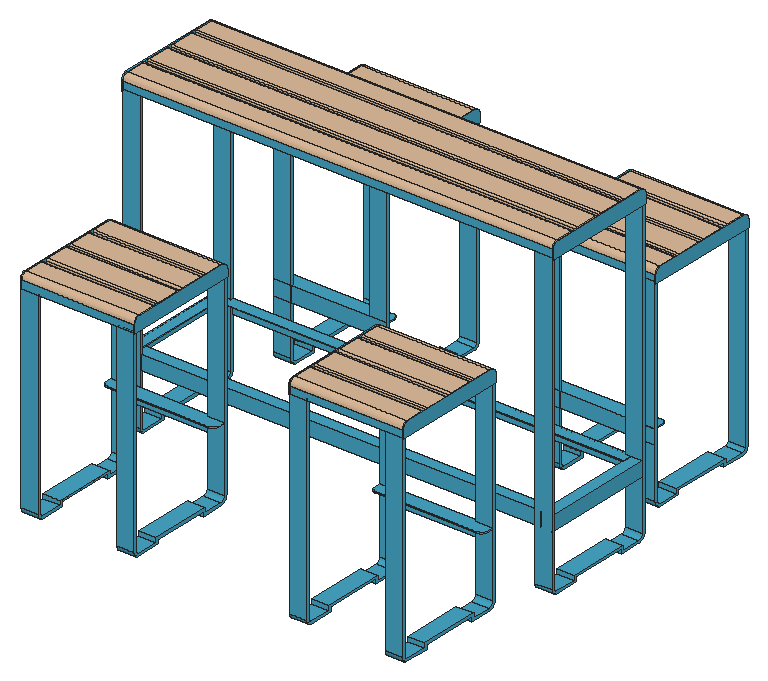
Revit family "61220-S-L", category Meble, Revit 2021
Family settings
  Numer OmniClass = 23.40.20.00
  Tytuł OmniClass = General Furniture and Specialties
  Oparty na płaszczyźnie roboczej = Nie
  Zawsze pionowo = Tak
  Tnij formami wycięć po wczytaniu = Nie
  Współdzielony = Nie
  Punkt obliczania pomieszczeń = Nie
Parameters (values of type "61211-S-L")
  wood = Kobenhagen Wood - Larch
  metal = Kobenhagen RAL 5012
  Width = "150 cm"
  URL = "https://kobenhagen.com/en_US/p/Frederiksberg-Bar-Set/153"
  Seat hight = "75 cm"
  Product line = "Frederiksberg"
  Product Groups = "Sets"
  Producent = "Lars Laj"
  Keynote = ""
  Opis = "Frederiksberg Bar Set"
  Model = "61220-S-L"
  Material = "Larch, stainless steel, powder coated steel"
  Maintenance = "We recommend to examine and tighten all screws and bolt clamps after a few weeks’ use. In order to prevent cracks and to extend the life of the wood, it is recommended that the wood details should be oiled every 3-5 years."
  Lenght = "150 cm"
  Type Comments = ""
  Kobenhagen Materials = "larslaj.com/bim"
  Hosted on larslaj.com = "https://larslaj.com/bim"
  Height = "110 cm"
  Domyślna rzędna = 0 mm
  Copyright = "All designs and drawings are the intellectual property of Lars Laj A/S and are protected by Danish and international copyright laws."
Reference planes
  plane 1 "front": y = 0
  plane 2: z = 0
  plane 3 "Środek (Lewa/Prawa)": x = 0
  plane 4 "left": x = -745.625
  plane 5 "right": x = 745.938
  plane 6 "back": y = 400
  plane 7: x = -685.625
  plane 8: x = 685.937
  plane 9: z = 1057.23
Forms (mm)
  Extrusion 1, solid, material "Kobenhagen Wood - Larch" <- "wood"
    sketch origin (0, -51.281, 670.21) x (0, 1, 0) y (0, 0, 1)
      loop
        arc (263.304, 429.703) -> (259.768, 428.239) -> (258.304, 424.703) r 5
        line (258.304, 424.703) -> (258.304, 388.972)
        arc (258.304, 388.972) -> (258.878, 387.586) -> (260.264, 387.012) r 1.96
        line (260.264, 387.012) -> (346.304, 387.012)
        arc (346.304, 387.012) -> (347.718, 387.598) -> (348.304, 389.012) r 2
        line (348.304, 389.012) -> (348.304, 424.703)
        arc (348.304, 424.703) -> (346.839, 428.239) -> (343.304, 429.703) r 5
        line (343.304, 429.703) -> (263.304, 429.703)
    from -745.625 to 745.937
  Extrusion 2, solid, material "Kobenhagen Wood - Larch" <- "wood"
    sketch origin (0, -153.73, 670.21) x (0, 1, 0) y (0, 0, 1)
      loop
        arc (263.253, 429.703) -> (259.718, 428.239) -> (258.253, 424.703) r 5
        line (258.253, 424.703) -> (258.253, 388.972)
        arc (258.253, 388.972) -> (258.827, 387.586) -> (260.213, 387.012) r 1.96
        line (260.213, 387.012) -> (346.253, 387.012)
        arc (346.253, 387.012) -> (347.668, 387.598) -> (348.253, 389.012) r 2
        line (348.253, 389.012) -> (348.253, 424.703)
        arc (348.253, 424.703) -> (346.789, 428.239) -> (343.253, 429.703) r 5
        line (343.253, 429.703) -> (263.253, 429.703)
    from -745.625 to 745.937
  Extrusion 3, solid, material "Kobenhagen Wood - Larch" <- "wood"
    sketch origin (0, -256.23, 670.21) x (0, 1, 0) y (0, 0, 1)
      loop
        arc (275.801, 429.704) -> (261.616, 423.828) -> (255.74, 409.642) r 20.061
        line (255.74, 409.642) -> (258.916, 409.642) -> (258.916, 387.013) -> (343.754, 387.013)
        arc (343.754, 387.013) -> (345.168, 387.598) -> (345.753, 389.012) r 1.999
        line (345.753, 389.012) -> (345.753, 424.706)
        arc (345.753, 424.706) -> (344.29, 428.24) -> (340.756, 429.704) r 4.998
        line (340.756, 429.704) -> (275.801, 429.704)
    from -745.625 to 745.937
  Extrusion 4, solid, material "Kobenhagen RAL 5012" <- "metal", not visible
    sketch origin (0, 0, 0) x (0, 1, 0) y (0, 0, 1)
      loop
        arc (71.187, 451.5) -> (57.045, 445.642) -> (51.187, 431.5) r 20
        line (51.187, 431.5) -> (51.187, 18.231)
        arc (51.187, 18.231) -> (56.527, 5.34) -> (69.418, 0) r 18.231
        line (69.418, 0) -> (153.638, 0) -> (153.638, 15) -> (448.638, 15) -> (448.638, 0) -> (527.023, 0)
        arc (527.023, 0) -> (542.307, 6.331) -> (548.638, 21.615) r 21.615
        line (548.638, 21.615) -> (548.638, 429.407)
        arc (548.638, 429.407) -> (542.168, 445.029) -> (526.545, 451.5) r 22.093
        line (526.545, 451.5) -> (71.187, 451.5)
    from 750.378 to 745
  Extrusion 5, solid, material "Kobenhagen RAL 5012" <- "metal", not visible
    sketch origin (0, 0, 0) x (0, 1, 0) y (0, 0, 1)
      loop
        line (548.638, 396.844) -> (629.375, 854.725) -> (601.836, 859.581)
        arc (601.836, 859.581) -> (585.224, 855.898) -> (576.082, 841.547) r 22.232
        line (576.082, 841.547) -> (507.306, 451.5) -> (526.545, 451.5)
        arc (526.545, 451.5) -> (542.168, 445.029) -> (548.638, 429.407) r 22.093
        line (548.638, 429.407) -> (548.638, 396.844)
    from 745 to 750.378
  Extrusion 6, solid, material "Kobenhagen RAL 5012" <- "metal"
    sketch origin (0, -51.25, 0) x (0, -1, 0) y (0, 0, 1)
      loop
        line (-71.187, 1099.913) -> (-429.045, 1099.913)
        arc (-429.045, 1099.913) -> (-444.668, 1093.442) -> (-451.138, 1077.82) r 22.093
        line (-451.138, 1077.82) -> (-451.138, 1048.5) -> (-51.187, 1048.5) -> (-51.187, 1079.913)
        arc (-51.187, 1079.913) -> (-57.045, 1094.055) -> (-71.187, 1099.913) r 20
    from 750.725 to 745.625
  Extrusion 7, solid, material "Kobenhagen RAL 5012" <- "metal"
    sketch origin (0, -51.25, 0) x (0, 1, 0) y (0, 0, 1)
      loop
        line (451.138, 23.296) -> (451.138, 1054.5) -> (51.187, 1054.5) -> (51.187, 18.763)
        arc (51.187, 18.763) -> (56.683, 5.495) -> (69.95, 0) r 18.763
        line (69.95, 0) -> (153.638, 0) -> (153.638, 15) -> (351.138, 15) -> (351.138, 0) -> (427.842, 0)
        arc (427.842, 0) -> (444.315, 6.823) -> (451.138, 23.296) r 23.296
      loop
        line (58.687, 1048.5) -> (58.687, 18.763)
        arc (58.687, 18.763) -> (61.986, 10.799) -> (69.95, 7.5) r 11.263
        line (69.95, 7.5) -> (146.138, 7.5) -> (146.138, 22.5) -> (358.638, 22.5) -> (358.638, 7.5) -> (427.842, 7.5)
        arc (427.842, 7.5) -> (439.012, 12.127) -> (443.638, 23.296) r 15.796
        line (443.638, 23.296) -> (443.638, 1048.5) -> (58.687, 1048.5)
    from -745.625 to -685.625
  Extrusion 8, solid, material "Kobenhagen RAL 5012" <- "metal"
    sketch origin (0, -51.25, 648.75) x (0, 1, 0) y (0, 0, 1)
      loop
        line (53.936, 431.102) -> (51.187, 431.102) -> (51.187, 405.75) -> (75.655, 405.75) -> (75.655, 408.472) -> (53.936, 408.472) -> (53.936, 431.102)
    from -745.625 to 745.937
  Extrusion 9, solid, material "Kobenhagen Wood - Larch" <- "wood"
    sketch origin (0, 655.254, 670.21) x (0, -1, 0) y (0, 0, -1)
      loop
        line (275.801, -429.704) -> (340.733, -429.704)
        arc (340.733, -429.704) -> (344.267, -428.24) -> (345.731, -424.706) r 4.998
        line (345.731, -424.706) -> (345.731, -389.012)
        arc (345.731, -389.012) -> (345.145, -387.598) -> (343.731, -387.013) r 1.999
        line (343.731, -387.013) -> (258.705, -387.013) -> (258.705, -409.642) -> (255.74, -409.642)
        arc (255.74, -409.642) -> (261.616, -423.828) -> (275.801, -429.704) r 20.061
    from -745.625 to 745.938
  Extrusion 10, solid, material "Kobenhagen RAL 5012" <- "metal"
    sketch origin (0, -51.25, 0) x (0, 1, 0) y (0, 0, -1)
      loop
        arc (451.138, -23.296) -> (444.315, -6.823) -> (427.842, 0) r 23.296
        line (427.842, 0) -> (351.138, 0) -> (351.138, -15) -> (153.638, -15) -> (153.638, 0) -> (69.95, 0)
        arc (69.95, 0) -> (56.683, -5.495) -> (51.187, -18.763) r 18.763
        line (51.187, -18.763) -> (51.187, -1054.5) -> (451.138, -1054.5) -> (451.138, -23.296)
      loop
        line (58.687, -1048.5) -> (443.638, -1048.5) -> (443.638, -23.296)
        arc (443.638, -23.296) -> (439.012, -12.127) -> (427.842, -7.5) r 15.796
        line (427.842, -7.5) -> (358.638, -7.5) -> (358.638, -22.5) -> (146.138, -22.5) -> (146.138, -7.5) -> (69.95, -7.5)
        arc (69.95, -7.5) -> (61.986, -10.799) -> (58.687, -18.763) r 11.263
        line (58.687, -18.763) -> (58.687, -1048.5)
    from -745.625 to -685.625
  Extrusion 11, solid, material "Kobenhagen RAL 5012" <- "metal"
    sketch origin (0, 451.234, 648.75) x (0, -1, 0) y (0, 0, -1)
      loop
        line (53.936, -431.102) -> (53.936, -408.472) -> (75.655, -408.472) -> (75.655, -405.75) -> (51.187, -405.75) -> (51.187, -431.102) -> (53.936, -431.102)
    from -745.625 to 745.937
  Extrusion 12, solid, material "Kobenhagen RAL 5012" <- "metal"
    sketch origin (0, -51.25, 0) x (0, -1, 0) y (0, 0, -1)
      loop
        arc (-71.187, -1099.913) -> (-57.045, -1094.055) -> (-51.187, -1079.913) r 20
        line (-51.187, -1079.913) -> (-51.187, -1048.5) -> (-451.138, -1048.5) -> (-451.138, -1077.82)
        arc (-451.138, -1077.82) -> (-444.668, -1093.442) -> (-429.045, -1099.913) r 22.093
        line (-429.045, -1099.913) -> (-71.187, -1099.913)
    from 750.725 to 745.625
  Extrusion 13, solid, material "Kobenhagen RAL 5012" <- "metal"
    sketch origin (0, 554.482, 0) x (0, 1, 0) y (0, 0, 1)
      loop
        line (-195.107, 247.533) -> (-156.525, 247.533) -> (-156.525, 199.948) -> (-154.509, 199.948) -> (-154.509, 249.533) -> (-195.107, 249.533) -> (-195.107, 247.533)
    from -704.756 to 704.756
  Extrusion 14, solid, material "Kobenhagen RAL 5012" <- "metal"
    sketch origin (0, -152.551, 0) x (0, -1, 0) y (0, 0, -1)
      loop
        line (-195.107, -247.533) -> (-195.107, -249.533) -> (-154.509, -249.533) -> (-154.509, -199.948) -> (-156.525, -199.948) -> (-156.525, -247.533) -> (-195.107, -247.533)
    from -704.756 to 704.756
  Extrusion 15, solid, material "Kobenhagen RAL 5012" <- "metal"
    sketch origin (899.862, 22.202, 0) x (1, 0, 0) y (0, 0, -1)
      loop
        line (-195.107, -247.533) -> (-195.107, -249.533) -> (-154.509, -249.533) -> (-154.509, -199.948) -> (-156.525, -199.948) -> (-156.525, -247.533) -> (-195.107, -247.533)
    from -22.202 to 374.347
  Extrusion 16, solid, material "Kobenhagen RAL 5012" <- "metal"
    sketch origin (-899.862, 22.202, 0) x (-1, 0, 0) y (0, 0, 1)
      loop
        line (-195.107, 247.533) -> (-156.525, 247.533) -> (-156.525, 199.948) -> (-154.509, 199.948) -> (-154.509, 249.533) -> (-195.107, 249.533) -> (-195.107, 247.533)
    from -22.202 to 374.347
  Extrusion 17, solid, material "Kobenhagen RAL 5012"
    sketch origin (0, 0, 0) x (1, 0, 0) y (0, 1, 0)
      loop
        line (28.705, 24.405) -> (28.705, 375.579) -> (-31.295, 375.579) -> (-31.295, 24.405) -> (28.705, 24.405)
    from 1054.5 to 1057.222
Lines and regions (mm)
  model lines, style "9"
    curve 1: line (264.233, -99.489, 0) -> (264.233, -93.489, 0)
    curve 2: line (264.233, -399.489, 0) -> (264.233, -405.489, 0)
    curve 3: line (-304.767, -99.489, 0) -> (-304.767, -93.489, 0)
    curve 4: line (-304.767, -399.489, 0) -> (-304.767, -405.489, 0)
    curve 5: line (-281.767, -99.489, 0) -> (-281.767, -93.489, 0)
    curve 6: line (-281.767, -399.489, 0) -> (-281.767, -405.489, 0)
    curve 9: line (0, -245.5, 21) -> (0, -239.5, 21)
    curve 10: line (0, -445.5, 21) -> (0, -451.5, 21)
  model lines, style "8"
    curve 7: line (0, -170.5, 1054) -> (0, -158, 1054)
    curve 8: line (0, -170.5, 1054) -> (0, -158, 1054)
Dimensions and locks
  Extrusion 1 sketch curve to Extrusion 1 sketch curve = 90 mm
  Extrusion 1 sketch curve to Extrusion 1 sketch curve = 42.691 mm
  Extrusion 2 sketch curve to Extrusion 2 sketch curve = 90 mm
  Extrusion 2 sketch curve to Extrusion 2 sketch curve = 42.691 mm
  Extrusion 3 sketch curve to Extrusion 3 sketch curve = 42.691 mm
  Extrusion 9 sketch curve to Extrusion 9 sketch curve = 42.691 mm
  plane 6 "back" to plane 1 "front" = 400 mm
  aligned and locked: level to plane 2
  aligned and locked: plane 5 "right" to Extrusion 1
  aligned and locked: Extrusion 1 to plane 4 "left"
  aligned and locked: plane 5 "right" to Extrusion 2
  aligned and locked: plane 5 "right" to Extrusion 3
  aligned and locked: Extrusion 2 to plane 4 "left"
  aligned and locked: Extrusion 3 to plane 4 "left"
  aligned and locked: plane 4 "left" to Extrusion 6
  aligned and locked: Extrusion 7 to plane 4 "left"
  aligned and locked: plane 7 to Extrusion 7
  aligned and locked: Extrusion 8 to plane 4 "left"
  aligned and locked: plane 5 "right" to Extrusion 8
  aligned and locked: plane 5 "right" to Extrusion 9
Nested families
  nested 1: "61210-S-L" at (466.217, 950, 0), type "61210-S-L"
  nested 2: "61210-S-L" at (-466.217, 950, 0) x (-1, 0, 0) z (0, 0, 1), type "61210-S-L"
  nested 3: "61210-S-L" at (466.217, -545.953, 0), type "61210-S-L"
  nested 4: "61210-S-L" at (-466.217, -545.953, 0) x (-1, 0, 0) z (0, 0, 1), type "61210-S-L"
Definition of nested family "61210-S-L"
  Parameters (values of type "61210-S-L")
    wood = none
    metal = none
    Width = "40 cm"
    Weight = "20 kg"
    URL = "https://kobenhagen.com/en_US/p/Frederiksberg-Bar-Stool/143"
    Product line = "Frederiksberg"
    Product Groups = "Stools"
    Manufacturer = "Lars Laj"
    Keynote = ""
    Description = "Frederiksberg Bar Stool"
    Model = "61210-S-L"
    Material = "Larch, stainless steel, powder coated steel"
    Maintenance = "We recommend to examine and tighten all screws and bolt clamps after a few weeks’ use. In order to prevent cracks and to extend the life of the wood, it is recommended that the wood details should be oiled every 3-5 years."
    Lenght = "40 cm"
    Type Comments = ""
    Kobenhagen Materials = "larslaj.com/bim"
    Hosted on larslaj.com = "https://larslaj.com/bim"
    Height = "75 cm"
    Default Elevation = 0 mm
    Copyright = "All designs and drawings are the intellectual property of Lars Laj A/S and are protected by Danish and international copyright laws."
  Reference planes
    plane 1 "front": y = 0
    plane 2: z = 0
    plane 3 "Środek (Lewa/Prawa)": x = 0
    plane 4 "left": x = -196.25
    plane 5 "right": x = 195.938
    plane 6 "back": y = 400
    plane 7: x = -136.25
    plane 8: x = 135.937
    plane 9: z = 706.5
  Forms (mm)
    Extrusion 1, solid, material <- "wood"
      sketch origin (0, -51.281, 318.96) x (0, 1, 0) y (0, 0, 1)
        loop
          arc (263.304, 429.703) -> (259.768, 428.239) -> (258.304, 424.703) r 5
          line (258.304, 424.703) -> (258.304, 388.972)
          arc (258.304, 388.972) -> (258.878, 387.586) -> (260.264, 387.012) r 1.96
          line (260.264, 387.012) -> (346.304, 387.012)
          arc (346.304, 387.012) -> (347.718, 387.598) -> (348.304, 389.012) r 2
          line (348.304, 389.012) -> (348.304, 424.703)
          arc (348.304, 424.703) -> (346.839, 428.239) -> (343.304, 429.703) r 5
          line (343.304, 429.703) -> (263.304, 429.703)
      from -196.25 to 195.937
    Extrusion 2, solid, material <- "wood"
      sketch origin (0, -153.73, 318.96) x (0, 1, 0) y (0, 0, 1)
        loop
          arc (263.253, 429.703) -> (259.718, 428.239) -> (258.253, 424.703) r 5
          line (258.253, 424.703) -> (258.253, 388.972)
          arc (258.253, 388.972) -> (258.827, 387.586) -> (260.213, 387.012) r 1.96
          line (260.213, 387.012) -> (346.253, 387.012)
          arc (346.253, 387.012) -> (347.668, 387.598) -> (348.253, 389.012) r 2
          line (348.253, 389.012) -> (348.253, 424.703)
          arc (348.253, 424.703) -> (346.789, 428.239) -> (343.253, 429.703) r 5
          line (343.253, 429.703) -> (263.253, 429.703)
      from -196.25 to 195.937
    Extrusion 3, solid, material <- "wood"
      sketch origin (0, -255.918, 318.96) x (0, 1, 0) y (0, 0, 1)
        loop
          arc (275.801, 429.704) -> (261.616, 423.828) -> (255.74, 409.642) r 20.061
          line (255.74, 409.642) -> (258.916, 409.642) -> (258.916, 387.013) -> (343.754, 387.013)
          arc (343.754, 387.013) -> (345.168, 387.598) -> (345.753, 389.012) r 1.999
          line (345.753, 389.012) -> (345.753, 424.706)
          arc (345.753, 424.706) -> (344.29, 428.24) -> (340.756, 429.704) r 4.998
          line (340.756, 429.704) -> (275.801, 429.704)
      from -196.25 to 195.937
    Extrusion 4, solid, material <- "metal", not visible
      sketch origin (0, 0, 0) x (0, 1, 0) y (0, 0, 1)
        loop
          arc (71.187, 451.5) -> (57.045, 445.642) -> (51.187, 431.5) r 20
          line (51.187, 431.5) -> (51.187, 18.231)
          arc (51.187, 18.231) -> (56.527, 5.34) -> (69.418, 0) r 18.231
          line (69.418, 0) -> (153.638, 0) -> (153.638, 15) -> (448.638, 15) -> (448.638, 0) -> (527.023, 0)
          arc (527.023, 0) -> (542.307, 6.331) -> (548.638, 21.615) r 21.615
          line (548.638, 21.615) -> (548.638, 429.407)
          arc (548.638, 429.407) -> (542.168, 445.029) -> (526.545, 451.5) r 22.093
          line (526.545, 451.5) -> (71.187, 451.5)
      from 750.378 to 745
    Extrusion 5, solid, material <- "metal", not visible
      sketch origin (0, 0, 0) x (0, 1, 0) y (0, 0, 1)
        loop
          line (548.638, 396.844) -> (629.375, 854.725) -> (601.836, 859.581)
          arc (601.836, 859.581) -> (585.224, 855.898) -> (576.082, 841.547) r 22.232
          line (576.082, 841.547) -> (507.306, 451.5) -> (526.545, 451.5)
          arc (526.545, 451.5) -> (542.168, 445.029) -> (548.638, 429.407) r 22.093
          line (548.638, 429.407) -> (548.638, 396.844)
      from 745 to 750.378
    Extrusion 6, solid, material <- "metal"
      sketch origin (0, -51.25, 0) x (0, -1, 0) y (0, 0, 1)
        loop
          line (-71.187, 748.663) -> (-429.045, 748.663)
          arc (-429.045, 748.663) -> (-444.668, 742.192) -> (-451.138, 726.57) r 22.093
          line (-451.138, 726.57) -> (-451.138, 701) -> (-51.187, 701) -> (-51.187, 728.663)
          arc (-51.187, 728.663) -> (-57.045, 742.805) -> (-71.187, 748.663) r 20
      from 199.507 to 196.25
    Extrusion 7, solid, material <- "metal"
      sketch origin (0, -51.25, 0) x (0, 1, 0) y (0, 0, 1)
        loop
          line (451.138, 23.296) -> (451.138, 707) -> (51.187, 707) -> (51.187, 18.763)
          arc (51.187, 18.763) -> (56.683, 5.495) -> (69.95, 0) r 18.763
          line (69.95, 0) -> (153.638, 0) -> (153.638, 15) -> (351.138, 15) -> (351.138, 0) -> (427.842, 0)
          arc (427.842, 0) -> (444.315, 6.823) -> (451.138, 23.296) r 23.296
        loop
          line (58.687, 701) -> (58.687, 18.763)
          arc (58.687, 18.763) -> (61.986, 10.799) -> (69.95, 7.5) r 11.263
          line (69.95, 7.5) -> (146.138, 7.5) -> (146.138, 22.5) -> (358.638, 22.5) -> (358.638, 7.5) -> (427.842, 7.5)
          arc (427.842, 7.5) -> (439.012, 12.127) -> (443.638, 23.296) r 15.796
          line (443.638, 23.296) -> (443.638, 701) -> (58.687, 701)
      from -196.25 to -136.25
    Extrusion 8, solid, material <- "metal"
      sketch origin (0, -51.25, 297.5) x (0, 1, 0) y (0, 0, 1)
        loop
          line (53.936, 431.102) -> (51.187, 431.102) -> (51.187, 405.767) -> (73.779, 405.767) -> (73.779, 408.105) -> (53.936, 408.105) -> (53.936, 431.102)
      from -196.25 to 195.937
    Extrusion 9, solid, material <- "wood"
      sketch origin (0, 655.254, 318.96) x (0, -1, 0) y (0, 0, -1)
        loop
          line (275.801, -429.704) -> (340.733, -429.704)
          arc (340.733, -429.704) -> (344.267, -428.24) -> (345.731, -424.706) r 4.998
          line (345.731, -424.706) -> (345.731, -389.012)
          arc (345.731, -389.012) -> (345.145, -387.598) -> (343.731, -387.013) r 1.999
          line (343.731, -387.013) -> (258.705, -387.013) -> (258.705, -409.642) -> (255.74, -409.642)
          arc (255.74, -409.642) -> (261.616, -423.828) -> (275.801, -429.704) r 20.061
      from -196.25 to 195.938
    Extrusion 10, solid, material <- "metal"
      sketch origin (0, -51.25, 0) x (0, 1, 0) y (0, 0, -1)
        loop
          arc (451.138, -23.296) -> (444.315, -6.823) -> (427.842, 0) r 23.296
          line (427.842, 0) -> (351.138, 0) -> (351.138, -15) -> (153.638, -15) -> (153.638, 0) -> (69.95, 0)
          arc (69.95, 0) -> (56.683, -5.495) -> (51.187, -18.763) r 18.763
          line (51.187, -18.763) -> (51.187, -707) -> (451.138, -707) -> (451.138, -23.296)
        loop
          line (58.687, -701) -> (443.638, -701) -> (443.638, -23.296)
          arc (443.638, -23.296) -> (439.012, -12.127) -> (427.842, -7.5) r 15.796
          line (427.842, -7.5) -> (358.638, -7.5) -> (358.638, -22.5) -> (146.138, -22.5) -> (146.138, -7.5) -> (69.95, -7.5)
          arc (69.95, -7.5) -> (61.986, -10.799) -> (58.687, -18.763) r 11.263
          line (58.687, -18.763) -> (58.687, -701)
      from -196.25 to -136.25
    Extrusion 11, solid, material <- "metal"
      sketch origin (0, 450.922, 297.5) x (0, -1, 0) y (0, 0, -1)
        loop
          line (53.936, -431.102) -> (53.936, -408.105) -> (73.779, -408.105) -> (73.779, -405.767) -> (51.187, -405.767) -> (51.187, -431.102) -> (53.936, -431.102)
      from -196.25 to 195.937
    Extrusion 12, solid
      sketch origin (0, 13.308, 25.482) x (0, 1, 0) y (0, 0, 1)
        loop
          line (386.692, 174.492) -> (386.692, 225.518) -> (335.335, 225.518) -> (335.335, 222.492) -> (381.692, 222.492) -> (381.692, 174.492) -> (386.692, 174.492)
      from 0 to 195.937
    Extrusion 13, solid, material <- "metal"
      sketch origin (0, -51.25, 0) x (0, -1, 0) y (0, 0, -1)
        loop
          arc (-71.187, -748.663) -> (-57.045, -742.805) -> (-51.187, -728.663) r 20
          line (-51.187, -728.663) -> (-51.187, -701) -> (-451.138, -701) -> (-451.138, -726.57)
          arc (-451.138, -726.57) -> (-444.668, -742.192) -> (-429.045, -748.663) r 22.093
          line (-429.045, -748.663) -> (-71.187, -748.663)
      from 199.507 to 196.25
    Extrusion 14, void
      sketch origin (0, 0, 0) x (1, 0, 0) y (0, 1, 0)
        loop
          arc (196.244, 368.643) -> (190.06, 354.471) -> (175.738, 348.643) r 20.512
          line (175.738, 348.643) -> (175.738, 343.643) -> (203.406, 343.643) -> (203.406, 368.643) -> (196.244, 368.643)
      from 231.188 to 264.325
    Extrusion 15, solid
      sketch origin (0, 13.308, 25.482) x (0, 1, 0) y (0, 0, -1)
        loop
          line (386.692, -174.492) -> (381.692, -174.492) -> (381.692, -222.492) -> (335.335, -222.492) -> (335.335, -225.518) -> (386.692, -225.518) -> (386.692, -174.492)
      from 0 to 195.937
    Extrusion 16, void
      sketch origin (0, 0, 0) x (-1, 0, 0) y (0, -1, 0)
        loop
          line (196.244, -368.643) -> (203.406, -368.643) -> (203.406, -343.643) -> (175.738, -343.643) -> (175.738, -348.643)
          arc (175.738, -348.643) -> (190.06, -354.471) -> (196.244, -368.643) r 20.512
      from 231.188 to 264.325
  Cuts and joins
    Extrusion 14, Extrusion 16 cuts Extrusion 12
    Extrusion 16 cuts Extrusion 15
    joined: Extrusion 12, Extrusion 15
  Lines and regions (mm)
    model lines
      curve 1: line (264.233, -99.489, 0) -> (264.233, -93.489, 0)
      curve 2: line (264.233, -399.489, 0) -> (264.233, -405.489, 0)
      curve 3: line (-304.767, -99.489, 0) -> (-304.767, -93.489, 0)
      curve 4: line (-304.767, -399.489, 0) -> (-304.767, -405.489, 0)
      curve 5: line (-281.767, -99.489, 0) -> (-281.767, -93.489, 0)
      curve 6: line (-281.767, -399.489, 0) -> (-281.767, -405.489, 0)
  Dimensions and locks
    Extrusion 1 sketch curve to Extrusion 1 sketch curve = 90 mm
    Extrusion 1 sketch curve to Extrusion 1 sketch curve = 42.691 mm
    Extrusion 2 sketch curve to Extrusion 2 sketch curve = 90 mm
    Extrusion 2 sketch curve to Extrusion 2 sketch curve = 42.691 mm
    Extrusion 3 sketch curve to Extrusion 3 sketch curve = 42.691 mm
    Extrusion 9 sketch curve to Extrusion 9 sketch curve = 42.691 mm
    aligned and locked: level to plane 2
    aligned and locked: plane 5 "right" to Extrusion 1
    aligned and locked: Extrusion 1 to plane 4 "left"
    aligned and locked: plane 5 "right" to Extrusion 2
    aligned and locked: plane 5 "right" to Extrusion 3
    aligned and locked: Extrusion 2 to plane 4 "left"
    aligned and locked: Extrusion 3 to plane 4 "left"
    aligned and locked: plane 4 "left" to Extrusion 6
    aligned and locked: Extrusion 7 to plane 4 "left"
    aligned and locked: plane 7 to Extrusion 7
    aligned and locked: Extrusion 8 to plane 4 "left"
    aligned and locked: plane 5 "right" to Extrusion 8
